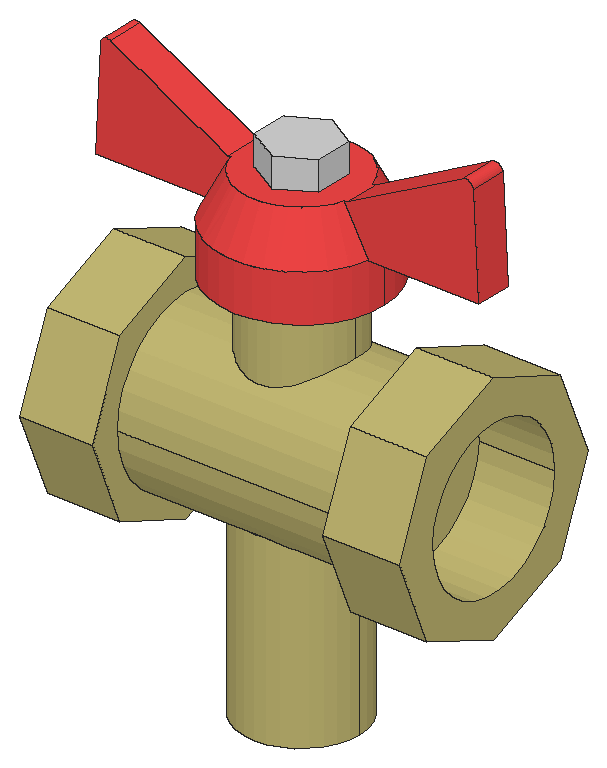
Revit family "РИДАН_Кран для теплосчетчика 187F", category Арматура трубопроводов, Revit 2019
Family settings
  Размер круглого соединителя = Использовать диаметр
  Тип детали = Вставляется
  На основе рабочей плоскости = Нет
  Всегда вертикально = Да
  При загрузке вырезать с полостями = Нет
  Общий = Нет
Parameters (values of type "DN 15")
  Контакты_Производитель = "info@ridan.ru"  # constant formula
  m = l + l1  # 29.5 mm
  l1 = size_lookup(LT, "l1", 20 mm, ADSK_Диаметр условный)  # 15.05 mm
  l = size_lookup(LT, "l", 20 mm, ADSK_Диаметр условный)  # 14.45 mm
  k = size_lookup(LT, "k", 20 mm, ADSK_Диаметр условный)  # 21.3 mm
  j = size_lookup(LT, "j", 20 mm, ADSK_Диаметр условный)  # 16.17 mm
  i = size_lookup(LT, "i", 20 mm, ADSK_Диаметр условный)  # 30 mm
  h = size_lookup(LT, "h", 20 mm, ADSK_Диаметр условный)  # 24 mm
  g = size_lookup(LT, "g", 20 mm, ADSK_Диаметр условный)  # 15 mm
  f = size_lookup(LT, "f", 20 mm, ADSK_Диаметр условный)  # 34.5 mm
  e = size_lookup(LT, "e", 20 mm, ADSK_Диаметр условный)  # 19.9 mm
  d = size_lookup(LT, "d", 20 mm, ADSK_Диаметр условный)  # 15.95 mm
  c = size_lookup(LT, "c", 20 mm, ADSK_Диаметр условный)  # 10.6 mm
  b = size_lookup(LT, "b", 20 mm, ADSK_Диаметр условный)  # 31.9 mm
  a = size_lookup(LT, "a", 20 mm, ADSK_Диаметр условный)  # 10 mm
  LT = "187F"  # constant formula
  ADSK_Расход жидкости = 0.0 m³/h
  ADSK_Пропускная способность = size_lookup(LT, "Kv", 0.0 m³/h, ADSK_Диаметр условный)  # 15.0 m³/h
  ADSK_Потеря давления жидкости = 100000.0 Pa * (ADSK_Расход жидкости / ADSK_Пропускная способность) ^ 2  # 0.0 Pa
  ADSK_Наименование = size_lookup(LT, "Name", "", ADSK_Диаметр условный)  # "Кран шаровой для подключения датчика температуры теплосчетчика PN16, Tmax=120C, DN15"
  ADSK_Масса_Текст = ""
  ADSK_Масса = size_lookup(LT, "M", 0, ADSK_Диаметр условный)  # 0.203
  ADSK_Марка = size_lookup(LT, "Mark", "", ADSK_Диаметр условный)  # "187F DN15"
  ADSK_Количество = 1  # constant formula
  ADSK_Код изделия = size_lookup(LT, "", "", ADSK_Диаметр условный)  # "187F0593R"
  ADSK_Завод-изготовитель = "ООО «Ридан-Трейд»"  # constant formula
  ADSK_Единица измерения = "шт."
  ADSK_Диаметр условный = 15 mm
  ADSK_Версия семейства = "1.0"  # constant formula
  ADSK_Версия Revit = "2019"  # constant formula
Types (4, lengths in mm): name | m | l1 | l | k | i | h | g | e | d | c | b | a | ADSK_Пропускная способность | ADSK_Наименование | ADSK_Масса | ADSK_Марка | ADSK_Код изделия | ADSK_Диаметр условный
  (no name) | 29.5 | 15.05 | 14.45 | 21.3 | 30 | 24 | 15 | 19.9 | 15.95 | 10.6 | 31.9 | 10 | 15.0 m³/h | "Кран шаровой для подключения датчика температуры теплосчетчика PN16, Tmax=120C, DN15" | 0.203 | "187F DN15" | "187F0593R" | 15
  DN 15 | 29.5 | 15.05 | 14.45 | 21.3 | 30 | 24 | 15 | 19.9 | 15.95 | 10.6 | 31.9 | 10 | 15.0 m³/h | "Кран шаровой для подключения датчика температуры теплосчетчика PN16, Tmax=120C, DN15" | 0.203 | "187F DN15" | "187F0593R" | 15
  DN 20 | 34.5 | 17.48 | 17.02 | 26.4 | 36.5 | 30.5 | 20.6 | 22 | 18.52 | 10.46 | 37.04 | 10 | 28.0 m³/h | "Кран шаровой для подключения датчика температуры теплосчетчика PN16, Tmax=120C, DN20" | 0.311 | "187F DN20" | "187F0592R" | 20
  DN 25 | 39.6 | 19.8 | 19.8 | 33.5 | 47 | 36.7 | 19.3 | 25.8 | 22.8 | 12 | 45.6 | 12 | 39.0 m³/h | "Кран шаровой для подключения датчика температуры теплосчетчика PN16, Tmax=120C, DN25" | 0.433 | "187F DN25" | "187F0591R" | 25
Reference planes
  plane 1 "По центру (Вперед/Назад)": y = 0
  plane 2: z = 0
  plane 3 "По центру (Влево/Вправо)": x = 0
  plane 4: x = -25.95
  plane 5: x = -15.95
  plane 6: x = 15.95
  plane 7: x = 26.55
  plane 8: z = 19.9
  plane 9: z = -34.5
  plane 10: x = -14.45
  plane 11: x = 15.05
Forms (mm)
  Extrusion 1, solid, material "Латунь корпус", detail levels fine
    sketch origin (0, 0, 0) x (0, 1, 0) y (0, 0, 1)
      loop
        circle (0, 0) r 12
    from -15.95 to 15.95
  Extrusion 2, solid, material "Латунь корпус", detail levels fine
    sketch origin (0, 0, 0) x (0, 1, 0) y (0, 0, 1)
      loop
        line (0, 16.236) -> (-11.481, 11.481) -> (-16.236, 0) -> (-11.481, -11.481) -> (0, -16.236) -> (11.481, -11.481) -> (16.236, 0) -> (11.481, 11.481) -> (0, 16.236)
    from -25.95 to -15.95
  Extrusion 3, solid, material "Латунь корпус", detail levels fine
    sketch origin (0, 0, 0) x (0, 1, 0) y (0, 0, 1)
      loop
        line (0, 16.236) -> (-11.481, 11.481) -> (-16.236, 0) -> (-11.481, -11.481) -> (0, -16.236) -> (11.481, -11.481) -> (16.236, 0) -> (11.481, 11.481) -> (0, 16.236)
    from 15.95 to 26.55
  Extrusion 4, solid, material "Латунь корпус", detail levels fine
    sketch origin (0, 0, 0) x (1, 0, 0) y (0, 1, 0)
      loop
        circle (0, 0) r 7.5
    from 0 to 19.9
  Extrusion 5, solid, material "Латунь корпус", detail levels fine
    sketch origin (0, 0, 0) x (1, 0, 0) y (0, 1, 0)
      loop
        circle (0, 0) r 8.085
    from -34.5 to 0
  Extrusion 6, void
    sketch origin (0, 0, 0) x (0, 1, 0) y (0, 0, 1)
      loop
        circle (0, 0) r 10.65
    from -25.95 to -14.45
  Extrusion 7, void
    sketch origin (106.575, 0, 0) x (0, 1, 0) y (0, 0, 1)
      loop
        circle (0, 0) r 10.65
    from -91.525 to -80.025
Cuts and joins
  Extrusion 6 cuts Extrusion 1
  Extrusion 6, Extrusion 7 cuts Extrusion 2
  Extrusion 6, Extrusion 7 cuts Extrusion 3
  Extrusion 6 cuts Extrusion 4
  Extrusion 6 cuts Extrusion 5
  joined: Extrusion 1, Extrusion 2, Extrusion 3, Extrusion 4, Extrusion 5
Dimensions and locks
  "a": plane 4 to plane 5
  "d": plane 5 to plane 3 "По центру (Влево/Вправо)"
  "b": plane 5 to plane 6
  "c": plane 6 to plane 7
  "e": plane 8 to plane 2
  "f": plane 2 to plane 9
  equal spacing: Extrusion 2 sketch curve, plane 2, Extrusion 2 sketch curve  (x4)
  "i": Extrusion 2 sketch curve to Extrusion 2 sketch curve  (x4)
  equal spacing: Extrusion 3 sketch curve, plane 2, Extrusion 3 sketch curve  (x4)
  "i": Extrusion 3 sketch curve to Extrusion 3 sketch curve  (x4)
  "l": plane 10 to plane 3 "По центру (Влево/Вправо)"
  "l1": plane 11 to plane 3 "По центру (Влево/Вправо)"
  "h": diameter of Extrusion 1 sketch curve
  "g": diameter of Extrusion 4 sketch curve
  "j": diameter of Extrusion 5 sketch curve
  "k": diameter of Extrusion 6 sketch curve
  "k": diameter of Extrusion 7 sketch curve
  angle Extrusion 2 sketch curve to Extrusion 2 sketch curve = 135.00°  (x8)
  angle Extrusion 3 sketch curve to Extrusion 3 sketch curve = 135.00°  (x8)
  aligned and locked: level to plane 2
  aligned and locked: plane 5 to Extrusion 1
  aligned and locked: Extrusion 1 to plane 6
  aligned and locked: plane 4 to Extrusion 2
  aligned and locked: Extrusion 2 to plane 5
  aligned and locked: plane 6 to Extrusion 3
  aligned and locked: Extrusion 3 to plane 7
  aligned and locked: plane 8 to Extrusion 4
  aligned and locked: plane 2 to Extrusion 5
  aligned and locked: plane 9 to Extrusion 5
  aligned and locked: nested 1 to plane 8
  aligned and locked: Extrusion 6 to plane 10
  aligned and locked: Extrusion 7 to plane 11
  aligned and locked: Extrusion 7 to plane 7
  aligned and locked: plane 4 to Extrusion 6
  aligned and locked: plane 10 to nested 2
  aligned and locked: nested 3 to plane 10
Automatic sketch dimensions
  Extrusion 1 sketch curve to level = 0 mm
  Extrusion 1 sketch curve to plane 1 "По центру (Вперед/Назад)" = 0 mm
  Extrusion 2 sketch curve to plane 1 "По центру (Вперед/Назад)" = 0 mm
  Extrusion 3 sketch curve to plane 1 "По центру (Вперед/Назад)" = 0 mm
  plane 1 "По центру (Вперед/Назад)" to Extrusion 4 sketch curve = 0 mm
  Extrusion 4 sketch curve to plane 3 "По центру (Влево/Вправо)" = 0 mm
  plane 1 "По центру (Вперед/Назад)" to Extrusion 5 sketch curve = 0 mm
  Extrusion 5 sketch curve to plane 3 "По центру (Влево/Вправо)" = 0 mm
  Extrusion 6 sketch curve to level = 0 mm
  Extrusion 6 sketch curve to plane 1 "По центру (Вперед/Назад)" = 0 mm
  Extrusion 7 sketch curve to level = 0 mm
  Extrusion 7 sketch curve to plane 1 "По центру (Вперед/Назад)" = 0 mm
Nested families
  nested 1: "Рукоятка" at (0, 0, 19.9), DN <- "ADSK_Диаметр условный", type "Рукоятка", detail levels fine
    with Рукоятка ду20_25 no, Рукоятка ду15 yes, DN 15 mm
  nested 2: "УГО_клапана" at (0.3, 0, 0), УГО_Длина <- "m", type "УГО_клапана"
    with УГО_Длина 29.5 mm, УГО_Высота 22.511 mm
  nested 3: "УГО_ЭУ_клапана" at (0.3, 0, 0), УГО_Длина <- "m", type "УГО_ЭУ_клапана"
    with УГО_Длина 29.5 mm, УГО_Высота 22.511 mm
Connectors
  piping at (-14.45, 0, 0), diameter 15, driven by "ADSK_Диаметр условный", driven by "ADSK_Расход жидкости"
    settings: on plane 10, index 1, connector inside diameter 609.6 mm, connector length 0 mm, flow factor 0, pipe flow 0.0 m³/h, pressure drop 0.0 Pa, fitting loss kfactor 0, connector angle 0.00°, fixture units 0, engagement length 0 mm, angle of deflection 0.00°, flow configuration 0, flow direction 1, fitting loss method 0, system type 29, joint type 0, gender type 0, connector reference index 2, connector utility 0, adjustable connector no, is connector primary yes, connector description ""
  piping at (15.05, 0, 0), diameter 15, driven by "ADSK_Диаметр условный", driven by "ADSK_Расход жидкости", driven by "ADSK_Потеря давления жидкости"
    settings: on plane 11, index 2, connector inside diameter 609.6 mm, connector length 0 mm, flow factor 0, pipe flow 0.0 m³/h, pressure drop 0.0 Pa, fitting loss kfactor 0, connector angle 0.00°, fixture units 0, engagement length 0 mm, angle of deflection 0.00°, flow configuration 0, flow direction 2, fitting loss method 4, system type 29, joint type 0, gender type 0, connector reference index 1, connector utility 0, adjustable connector no, is connector primary no, connector description ""
Definition of nested family "Рукоятка"
  Parameters (values of type "Рукоятка")
    Рукоятка ду20_25 [instance] = not(Рукоятка ду15)  # yes
    Рукоятка ду15 [instance] = DN = 15 mm  # no
    DN [instance] = 20 mm
  Reference planes
    plane 1 "По центру (Вперед/Назад)": y = 0
    plane 2: z = 0
    plane 3 "По центру (Влево/Вправо)": x = 0
    plane 4: y = 2.5
    plane 5: y = -2.5
  Forms (mm)
    Revolve 1, solid, visible <- "Рукоятка ду15"
      sketch origin (0, 0, 0) x (1, 0, 0) y (0, 0, 1)
        loop
          line (-11.5, 6.5) -> (-11.5, 0) -> (0, 0) -> (0, 12.7) -> (-8.208, 12.7) -> (-11.5, 6.5)
        axis (0, 12.7) -> (0, 0)
      angle from 0 to 360
    Extrusion 2, solid, visible <- "Рукоятка ду15"
      sketch origin (0, 0, 0) x (1, 0, 0) y (0, 0, 1)
        loop
          line (-25.826, 20.427) -> (-26.5, 6.5) -> (-0.509, 6.5) -> (26.5, 6.5) -> (25.803, 20.415)
          arc (25.803, 20.415) -> (25.298, 21.236) -> (24.335, 21.25) r 1
          line (24.335, 21.25) -> (8.208, 12.7) -> (-8.208, 12.7) -> (-24.359, 21.262)
          arc (-24.359, 21.262) -> (-25.322, 21.248) -> (-25.826, 20.427) r 1
      from -2.5 to 2.5
    Extrusion 3, solid, visible <- "Рукоятка ду15"
      sketch origin (0, 0, 0) x (1, 0, 0) y (0, 1, 0)
        loop
          line (4.5, 2.598) -> (0, 5.196) -> (-4.5, 2.598) -> (-4.5, -2.598) -> (0, -5.196) -> (4.5, -2.598) -> (4.5, 2.598)
      from 12.7 to 16.7
    Revolve 4, solid, visible <- "Рукоятка ду20_25"
      sketch origin (0, 0, 0) x (1, 0, 0) y (0, 0, 1)
        loop
          line (-15, 0) -> (0, 0) -> (0, 17.8) -> (-9.876, 17.8) -> (-15, 8.3) -> (-15, 0)
        axis (0, 17.8) -> (0, 0)
      angle from 0 to 360
    Extrusion 5, solid, visible <- "Рукоятка ду20_25"
      sketch origin (0, 0, 0) x (1, 0, 0) y (0, 0, 1)
        loop
          line (-33.75, 26.037) -> (-33.75, 8.3) -> (33.75, 8.3) -> (33.75, 26.037)
          arc (33.75, 26.037) -> (33.243, 26.906) -> (32.237, 26.895) r 1
          line (32.237, 26.895) -> (9.876, 17.8) -> (-9.876, 17.8) -> (-32.237, 26.895)
          arc (-32.237, 26.895) -> (-33.243, 26.906) -> (-33.75, 26.037) r 1
      from -2.5 to 2.5
    Extrusion 6, solid, visible <- "Рукоятка ду20_25"
      sketch origin (0, 0, 0) x (1, 0, 0) y (0, 1, 0)
        loop
          line (7, 4.041) -> (0, 8.083) -> (-7, 4.041) -> (-7, -4.041) -> (0, -8.083) -> (7, -4.041) -> (7, 4.041)
      from 17.8 to 21.8
  Cuts and joins
    joined: Revolve 1, Extrusion 2
    joined: Revolve 4, Extrusion 5
  Dimensions and locks
    aligned and locked: level to plane 2
    aligned and locked: plane 4 to Extrusion 2
    aligned and locked: plane 5 to Extrusion 2
Definition of nested family "УГО_клапана"
  Parameters (values of type "УГО_клапана")
    УГО_Длина [instance] = 48 mm
    УГО_Высота [instance] = УГО_Длина * 0.76308  # 36.628 mm
  Reference planes
    plane 1 "По центру (Вперед/Назад)": y = 0
    plane 2: z = 0
    plane 3 "По центру (Влево/Вправо)": x = 0
    plane 4: x = -24
    plane 5: x = 24
    plane 6: z = 18.314
    plane 7: z = -18.314
  Forms (mm)
    Extrusion 1, solid, detail levels coarse+medium
      sketch origin (0, 0, 0) x (1, 0, 0) y (0, 0, 1)
        loop
          line (-24, -18.314) -> (0, 0) -> (-24, 18.314) -> (-24, -18.314)
      from -0.5 to 0.5
    Extrusion 2, solid, detail levels coarse+medium
      sketch origin (0, 0, 0) x (1, 0, 0) y (0, 0, 1)
        loop
          line (24, -18.314) -> (24, 18.314) -> (0, 0) -> (24, -18.314)
      from -0.5 to 0.5
  Dimensions and locks
    equal spacing: plane 5, plane 3 "По центру (Влево/Вправо)", plane 4
    "УГО_Длина": plane 5 to plane 4
    equal spacing: plane 6, plane 2, plane 7
    "УГО_Высота": plane 6 to plane 7
    aligned and locked: level to plane 2
    aligned and locked: plane 4 to Extrusion 1 sketch curve
    aligned and locked: Extrusion 2 sketch curve to plane 5
  Automatic sketch dimensions
    Extrusion 1 sketch curve to level = 0 mm
    Extrusion 1 sketch curve to plane 3 "По центру (Влево/Вправо)" = 0 mm
    Extrusion 1 sketch curve to plane 7 = 0 mm
    Extrusion 1 sketch curve to plane 6 = 0 mm
    Extrusion 2 sketch curve to level = 0 mm
    Extrusion 2 sketch curve to plane 3 "По центру (Влево/Вправо)" = 0 mm
    Extrusion 2 sketch curve to plane 7 = 0 mm
    Extrusion 2 sketch curve to plane 6 = 0 mm
Definition of nested family "УГО_ЭУ_клапана"
  Parameters (values of type "УГО_ЭУ_клапана")
    УГО_Длина [instance] = 100 mm
    УГО_Высота [instance] = УГО_Длина * 0.76308  # 76.308 mm
  Reference planes
    plane 1 "По центру (Вперед/Назад)": y = 0
    plane 2: z = 0
    plane 3 "По центру (Влево/Вправо)": x = 0
    plane 4: x = -50
    plane 5: x = 50
    plane 6: y = 38.154
    plane 7: y = -38.154
  Lines and regions (mm)
    Filled region 1, type "Сплошная заливка - Белый", in view "Опорный уровень"
      outline origin (0, 0, 0) x (1, 0, 0) y (0, 1, 0)
        loop
          line (-50, -38.154) -> (0, 0) -> (-50, 38.154) -> (-50, -38.154)
    Filled region 2, type "Сплошная заливка - Белый", in view "Опорный уровень"
      outline origin (0, 0, 0) x (1, 0, 0) y (0, 1, 0)
        loop
          line (50, -38.154) -> (50, 38.154) -> (0, 0) -> (50, -38.154)
  Dimensions and locks
    equal spacing: plane 4, plane 3 "По центру (Влево/Вправо)", plane 5
    "УГО_Длина": plane 4 to plane 5
    equal spacing: plane 6, plane 1 "По центру (Вперед/Назад)", plane 7
    "УГО_Высота": plane 6 to plane 7
    aligned and locked: plane 4 to Filled region 1 sketch curve
    aligned and locked: Filled region 1 to plane 4
  Automatic sketch dimensions
    plane 1 "По центру (Вперед/Назад)" to Filled region 1 sketch curve = 0 mm
    Filled region 1 sketch curve to plane 3 "По центру (Влево/Вправо)" = 0 mm
    plane 7 to Filled region 1 sketch curve = 0 mm
    Filled region 1 sketch curve to plane 6 = 0 mm
    plane 1 "По центру (Вперед/Назад)" to Filled region 2 sketch curve = 0 mm
    Filled region 2 sketch curve to plane 3 "По центру (Влево/Вправо)" = 0 mm
    Filled region 2 sketch curve to plane 5 = 0 mm
    plane 7 to Filled region 2 sketch curve = 0 mm
    Filled region 2 sketch curve to plane 6 = 0 mm
